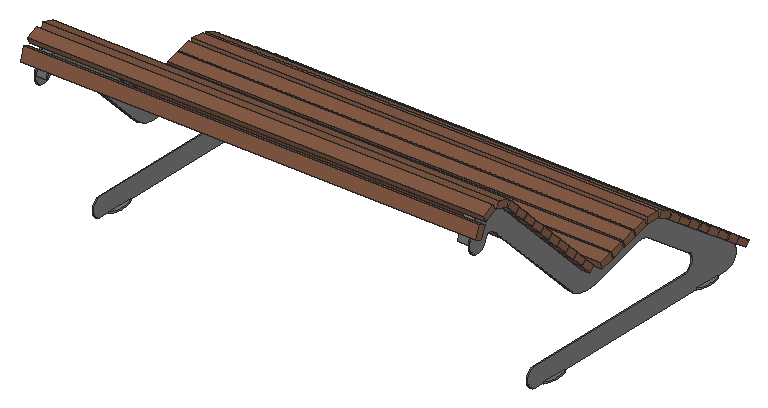
Revit family "FS_Лежак_Ньютон_R16", category Антураж, Revit 2016
Family settings
  На основе рабочей плоскости = Нет
  Всегда вертикально = Да
  При загрузке вырезать с полостями = Нет
  Источник визуального образа = Геометрия семейства
  Общий = Нет
  Точка расчета площади = Нет
Parameters (values of type "ИМЯ ТИПА")
  Стоимость = 43170
  Комментарии к типоразмеру = "Материалы: сталь, брус"  # constant formula
  Изготовитель = "ООО 'Хоббика'"  # constant formula
  Высота = 0 mm
  URL = "https://hobbyka.ru/product/parkovyy_lezhak_nyuton/"
  ADSK_Размер_Ширина = 1600 mm  # constant formula
  ADSK_Размер_Длина = 2140 mm  # constant formula
  ADSK_Размер_Высота = 950 mm  # constant formula
  ADSK_Наименование = "Скамейка «Название» 1.0м"
  ADSK_Материал опоры = FS_Сталь
  ADSK_Материал крепления = FS_Цинк
  ADSK_Материал доски = FS_Древесина
  ADSK_Код изделия = "11670"  # constant formula
Reference planes
  plane 1 "По центру (Вперед/Назад)": y = 0
  plane 2: z = 0
  plane 3 "По центру (Влево/Вправо)": x = 0
  plane 4: x = -1070
  plane 5: x = 1070
  plane 6: x = 1020
  plane 7: x = -1020
Dimensions and locks
  "ADSK_Размер_Длина": plane 4 to plane 5
  equal spacing: plane 4, plane 3 "По центру (Влево/Вправо)", plane 5
  locked: plane 4 to plane 7 at 50
  locked: plane 6 to plane 5 at 50
  aligned and locked: level to plane 2
  aligned and locked: plane 1 "По центру (Вперед/Назад)" to nested 1
  aligned and locked: nested 1 to plane 6
  aligned and locked: nested 2 to plane 1 "По центру (Вперед/Назад)"
  aligned and locked: nested 2 to plane 7
  aligned and locked: nested 29 to plane 5
  aligned and locked: nested 28 to plane 5
  aligned and locked: nested 27 to plane 5
  aligned and locked: nested 26 to plane 5
  aligned and locked: nested 25 to plane 5
  aligned and locked: nested 23 to plane 5
  aligned and locked: nested 24 to plane 5
  aligned and locked: nested 22 to plane 5
  aligned and locked: nested 20 to plane 5
  aligned and locked: nested 21 to plane 5
  aligned and locked: nested 18 to plane 5
  aligned and locked: nested 19 to plane 5
  aligned and locked: nested 17 to plane 5
  aligned and locked: nested 16 to plane 5
  aligned and locked: nested 14 to plane 5
  aligned and locked: nested 15 to plane 5
  aligned and locked: nested 13 to plane 5
  aligned and locked: nested 12 to plane 5
  aligned and locked: nested 11 to plane 5
  aligned and locked: nested 10 to plane 5
  aligned and locked: nested 9 to plane 5
  aligned and locked: nested 8 to plane 5
  aligned and locked: nested 7 to plane 5
  aligned and locked: nested 6 to plane 5
  aligned and locked: nested 5 to plane 5
  aligned and locked: nested 4 to plane 5
  aligned and locked: nested 3 to plane 5
  aligned and locked: nested 3 to plane 4
  aligned and locked: nested 4 to plane 4
  aligned and locked: nested 5 to plane 4
  aligned and locked: nested 6 to plane 4
  aligned and locked: nested 7 to plane 4
  aligned and locked: nested 8 to plane 4
  aligned and locked: nested 9 to plane 4
  aligned and locked: nested 10 to plane 4
  aligned and locked: nested 11 to plane 4
  aligned and locked: nested 12 to plane 4
  aligned and locked: nested 13 to plane 4
  aligned and locked: nested 14 to plane 4
  aligned and locked: nested 15 to plane 4
  aligned and locked: nested 16 to plane 4
  aligned and locked: nested 17 to plane 4
  aligned and locked: nested 18 to plane 4
  aligned and locked: nested 19 to plane 4
  aligned and locked: nested 20 to plane 4
  aligned and locked: nested 21 to plane 4
  aligned and locked: nested 22 to plane 4
  aligned and locked: nested 23 to plane 4
  aligned and locked: nested 24 to plane 4
  aligned and locked: nested 25 to plane 4
  aligned and locked: nested 26 to plane 4
  aligned and locked: nested 27 to plane 4
  aligned and locked: nested 28 to plane 4
  aligned and locked: nested 29 to plane 4
Nested families
  nested 1: "FS_Лежак_Ньютон_Опора" at (1020, 0, 0), type "FS_Лежак_Ньютон_Опора"
  nested 2: "FS_Лежак_Ньютон_Опора" at (-1020, 0, 0) x (-1, 0, 0) z (0, 0, 1), type "FS_Лежак_Ньютон_Опора"
  nested 3: "Брус_Без фаски" at (0, -26.982, 121.436) x (0, 0.8192, -0.5736) z (1, 0, 0), type "60x30"
    with Длина 2140 mm, Ширина 60 mm, Кремление_Видимость no
  nested 4: "Брус_Без фаски" at (0, -83.543, 161.041) x (0, 0.8192, -0.5736) z (1, 0, 0), type "60x30"
    with Длина 2140 mm, Ширина 60 mm, Кремление_Видимость no
  nested 5: "Брус_Без фаски" at (0, -140.104, 200.645) x (0, 0.8192, -0.5736) z (1, 0, 0), type "60x30"
    with Длина 2140 mm, Ширина 60 mm, Кремление_Видимость no
  nested 6: "Брус_Без фаски" at (0, -196.665, 240.25) x (0, 0.8192, -0.5736) z (1, 0, 0), type "60x30"
    with Длина 2140 mm, Ширина 60 mm, Кремление_Видимость no
  nested 7: "Брус_Без фаски" at (0, -253.226, 279.854) x (0, 0.8192, -0.5736) z (1, 0, 0), type "60x30"
    with Длина 2140 mm, Ширина 60 mm, Кремление_Видимость no
  nested 8: "Брус_Без фаски" at (0, -309.787, 319.459) x (0, 0.8192, -0.5736) z (1, 0, 0), type "60x30"
    with Длина 2140 mm, Ширина 60 mm, Кремление_Видимость no
  nested 9: "Брус_Без фаски" at (0, -366.348, 359.063) x (0, 0.8192, -0.5736) z (1, 0, 0), type "60x30"
    with Длина 2140 mm, Ширина 60 mm, Кремление_Видимость no
  nested 10: "Брус_Без фаски" at (0, -422.909, 398.668) x (0, 0.8192, -0.5736) z (1, 0, 0), type "60x30"
    with Длина 2140 mm, Ширина 60 mm, Кремление_Видимость no
  nested 11: "Брус_Без фаски" at (0, -482.832, 437.55) x (0, 0.9023, -0.431) z (1, 0, 0), type "60x30"
    with Длина 2140 mm, Ширина 60 mm, Кремление_Видимость no
  nested 12: "Брус_Без фаски" at (0, -555.273, 455.473) x (0, 0.9992, -0.0395) z (1, 0, 0), type "60x30"
    with Длина 2140 mm, Ширина 60 mm, Кремление_Видимость no
  nested 13: "Брус_Без фаски" at (0, -627.679, 444.698) x (0, 0.9659, 0.2588) z (1, 0, 0), type "60x30"
    with Длина 2140 mm, Ширина 60 mm, Кремление_Видимость no
  nested 14: "Брус_Без фаски" at (0, -694.375, 426.827) x (0, 0.9659, 0.2588) z (1, 0, 0), type "60x30"
    with Длина 2140 mm, Ширина 60 mm, Кремление_Видимость no
  nested 15: "Брус_Без фаски" at (0, -761.07, 408.956) x (0, 0.9659, 0.2588) z (1, 0, 0), type "60x30"
    with Длина 2140 mm, Ширина 60 mm, Кремление_Видимость no
  nested 16: "Брус_Без фаски" at (0, -827.766, 391.085) x (0, 0.9659, 0.2588) z (1, 0, 0), type "60x30"
    with Длина 2140 mm, Ширина 60 mm, Кремление_Видимость no
  nested 17: "Брус_Без фаски" at (0, -935.432, 418.575) x (0, 0.7071, -0.7071) z (1, 0, 0), type "60x30"
    with Длина 2140 mm, Ширина 60 mm, Кремление_Видимость no
  nested 18: "Брус_Без фаски" at (0, -984.256, 467.399) x (0, 0.7071, -0.7071) z (1, 0, 0), type "60x30"
    with Длина 2140 mm, Ширина 60 mm, Кремление_Видимость no
  nested 19: "Брус_Без фаски" at (0, -1033.081, 516.224) x (0, 0.7071, -0.7071) z (1, 0, 0), type "60x30"
    with Длина 2140 mm, Ширина 60 mm, Кремление_Видимость no
  nested 20: "Брус_Без фаски" at (0, -1081.905, 565.049) x (0, 0.7071, -0.7071) z (1, 0, 0), type "60x30"
    with Длина 2140 mm, Ширина 60 mm, Кремление_Видимость no
  nested 21: "Брус_Без фаски" at (0, -1130.73, 613.873) x (0, 0.7071, -0.7071) z (1, 0, 0), type "60x30"
    with Длина 2140 mm, Ширина 60 mm, Кремление_Видимость no
  nested 22: "Брус_Без фаски" at (0, -1179.554, 662.698) x (0, 0.7071, -0.7071) z (1, 0, 0), type "60x30"
    with Длина 2140 mm, Ширина 60 mm, Кремление_Видимость no
  nested 23: "Брус_Без фаски" at (0, -1228.379, 711.522) x (0, 0.7071, -0.7071) z (1, 0, 0), type "60x30"
    with Длина 2140 mm, Ширина 60 mm, Кремление_Видимость no
  nested 24: "Брус_Без фаски" at (0, -1277.203, 760.347) x (0, 0.7071, -0.7071) z (1, 0, 0), type "60x30"
    with Длина 2140 mm, Ширина 60 mm, Кремление_Видимость no
  nested 25: "Брус_Без фаски" at (0, -1326.028, 809.171) x (0, 0.7071, -0.7071) z (1, 0, 0), type "60x30"
    with Длина 2140 mm, Ширина 60 mm, Кремление_Видимость no
  nested 26: "Брус_Без фаски" at (0, -1374.852, 857.996) x (0, 0.7071, -0.7071) z (1, 0, 0), type "60x30"
    with Длина 2140 mm, Ширина 60 mm, Кремление_Видимость no
  nested 27: "Брус_Без фаски" at (0, -1437.16, 900.756) x (0, 0.9614, -0.2751) z (1, 0, 0), type "60x30"
    with Длина 2140 mm, Ширина 60 mm, Кремление_Видимость no
  nested 28: "Брус_Без фаски" at (0, -1515.082, 894.138) x (0, 0.9013, 0.4333) z (1, 0, 0), type "60x30"
    with Длина 2140 mm, Ширина 60 mm, Кремление_Видимость no
  nested 29: "Брус_Без фаски" at (0, -1568.914, 837.414) x (0, 0.3856, 0.9227) z (1, 0, 0), type "60x30"
    with Длина 2140 mm, Ширина 60 mm, Кремление_Видимость no
Definition of nested family "FS_Лежак_Ньютон_Опора"
  Parameters (values of type "FS_Лежак_Ньютон_Опора")
    ADSK_Материал опоры = none
  Reference planes
    plane 1 "По центру (Вперед/Назад)": y = 0
    plane 2: z = 0
    plane 3 "По центру (Влево/Вправо)": x = 0
  Forms (mm)
    Extrusion 1, solid, material <- "ADSK_Материал опоры"
      sketch origin (0, 0, 0) x (0, 1, 0) y (0, 0, 1)
        loop
          arc (-987.698, 322.349) -> (-915.972, 280.938) -> (-833.15, 280.938) r 160
          line (-833.15, 280.938) -> (-578.773, 349.098)
          arc (-578.773, 349.098) -> (-548.501, 350.42) -> (-520.506, 338.824) r 70
          line (-520.506, 338.824) -> (-282.059, 171.862)
          arc (-282.059, 171.862) -> (-264.952, 121.468) -> (-307.87, 90) r 45
          line (-307.87, 90) -> (-1185, 90)
          arc (-1185, 90) -> (-1230, 45) -> (-1185, 0) r 45
          line (-1185, 0) -> (-70, 0)
          arc (-70, 0) -> (-12.777, 41.958) -> (-35.585, 109.149) r 60
          line (-35.585, 109.149) -> (-465.064, 409.873)
          arc (-465.064, 409.873) -> (-533.052, 438.035) -> (-606.571, 434.825) r 170
          line (-606.571, 434.825) -> (-856.444, 367.872)
          arc (-856.444, 367.872) -> (-892.679, 367.872) -> (-924.059, 385.989) r 70
          line (-924.059, 385.989) -> (-1400.245, 862.175)
          arc (-1400.245, 862.175) -> (-1495.987, 885.603) -> (-1560.977, 811.497) r 95
          line (-1560.977, 811.497) -> (-1569.316, 764.202)
          arc (-1569.316, 764.202) -> (-1532.814, 712.071) -> (-1480.684, 748.573) r 45
          arc (-1480.684, 748.573) -> (-1460.161, 771.975) -> (-1429.926, 764.577) r 30
          line (-1429.926, 764.577) -> (-987.698, 322.349)
      from -3 to 3
    Extrusion 2, solid, material <- "ADSK_Материал опоры"
      sketch origin (125.748, 73.008, 0) x (1, 0, 0) y (0, 1, 0)
        loop
          spline (-125.748, -188.008) -> (-132.218, -190.223) -> (-138.248, -196.716) -> (-143.425, -207.046) -> (-147.398, -220.508) -> (-149.896, -236.185) -> (-150.748, -253.008) -> (-149.896, -269.831) -> (-147.398, -285.508) -> (-143.425, -298.97) -> (-138.248, -309.3) -> (-132.218, -315.793) -> (-125.748, -318.008)
          spline (-125.748, -318.008) -> (-119.277, -315.793) -> (-113.248, -309.3) -> (-108.07, -298.97) -> (-104.097, -285.508) -> (-101.599, -269.831) -> (-100.748, -253.008) -> (-101.599, -236.185) -> (-104.097, -220.508) -> (-108.07, -207.046) -> (-113.248, -196.716) -> (-119.277, -190.223) -> (-125.748, -188.008)
      from 0 to 5
    Extrusion 3, solid, material <- "ADSK_Материал опоры"
      sketch origin (125.748, -826.992, 0) x (1, 0, 0) y (0, 1, 0)
        loop
          spline (-125.748, -188.008) -> (-132.218, -190.223) -> (-138.248, -196.716) -> (-143.425, -207.046) -> (-147.398, -220.508) -> (-149.896, -236.185) -> (-150.748, -253.008) -> (-149.896, -269.831) -> (-147.398, -285.508) -> (-143.425, -298.97) -> (-138.248, -309.3) -> (-132.218, -315.793) -> (-125.748, -318.008)
          spline (-125.748, -318.008) -> (-119.277, -315.793) -> (-113.248, -309.3) -> (-108.07, -298.97) -> (-104.097, -285.508) -> (-101.599, -269.831) -> (-100.748, -253.008) -> (-101.599, -236.185) -> (-104.097, -220.508) -> (-108.07, -207.046) -> (-113.248, -196.716) -> (-119.277, -190.223) -> (-125.748, -188.008)
      from 0 to 5
    Extrusion 4, solid, material <- "ADSK_Материал опоры"
      sketch origin (0, 0, 0) x (0, 1, 0) y (0, 0, 1)
        loop
          line (-1560.977, 811.497) -> (-1569.316, 764.202) -> (-1566.362, 763.681) -> (-1558.023, 810.976)
          arc (-1558.023, 810.976) -> (-1495.085, 882.742) -> (-1402.366, 860.054) r 92
          line (-1402.366, 860.054) -> (-926.18, 383.868)
          arc (-926.18, 383.868) -> (-893.455, 364.974) -> (-855.668, 364.974) r 73
          line (-855.668, 364.974) -> (-605.795, 431.927)
          arc (-605.795, 431.927) -> (-533.573, 435.08) -> (-466.785, 407.416) r 167
          line (-466.785, 407.416) -> (-37.306, 106.692) -> (-35.585, 109.149) -> (-465.064, 409.873)
          arc (-465.064, 409.873) -> (-533.052, 438.035) -> (-606.571, 434.825) r 170
          line (-606.571, 434.825) -> (-856.444, 367.872)
          arc (-856.444, 367.872) -> (-892.679, 367.872) -> (-924.059, 385.989) r 70
          line (-924.059, 385.989) -> (-1400.245, 862.175)
          arc (-1400.245, 862.175) -> (-1495.987, 885.603) -> (-1560.977, 811.497) r 95
      from -53 to -3
  Cuts and joins
    joined: Extrusion 1, Extrusion 2, Extrusion 3
  Dimensions and locks
    aligned and locked: level to plane 2
Definition of nested family "Брус_Без фаски"
  Parameters (values of type "Брус_Без фаски")
    Ширина = 50 mm
    Толщина = 30 mm
    Default Elevation = 0 mm
    Крепление_Диаметр = 10 mm
    Крепление_Глубина посадки = 30 mm
    Кремление_Видимость = yes
    Длина [instance] = 1000 mm
    ADSK_Материал крепления = none
    ADSK_Материал доски = none
  Reference planes
    plane 1 "По центру (Вперед/Назад)": y = 0
    plane 2: z = 0
    plane 3 "По центру (Влево/Вправо)": x = 0
    plane 4: y = 15
    plane 5: x = 25
    plane 6: x = -25
    plane 7: y = -15
    plane 8: z = 500
    plane 9: z = -500
    plane 10: z = 470
    plane 11: z = -470
  Forms (mm)
    Extrusion 1, solid, material <- "ADSK_Материал доски"
      sketch origin (0, 0, 0) x (1, 0, 0) y (0, 1, 0)
        loop
          line (-25, 15) -> (-25, -15) -> (25, -15) -> (25, 15) -> (-25, 15)
      from -500 to 500
    Extrusion 2, solid, material <- "ADSK_Материал крепления", visible <- "Кремление_Видимость"
      sketch origin (-50, 15, 1200) x (-1, 0, 0) y (0, 0, 1)
        loop
          circle (-50, -730) r 5
        loop
          circle (-50, -1670) r 5
      from 0 to 1
  Dimensions and locks
    equal spacing: plane 6, plane 3 "По центру (Влево/Вправо)", plane 5
    "Ширина": plane 6 to plane 5
    equal spacing: plane 4, plane 1 "По центру (Вперед/Назад)", plane 7
    "Толщина": plane 4 to plane 7
    equal spacing: plane 9, plane 2, plane 8
    "Длина": plane 9 to plane 8
    "Крепление_Глубина посадки": plane 10 to plane 8
    "Крепление_Глубина посадки": plane 11 to plane 9
    locked: plane 3 "По центру (Влево/Вправо)" to Extrusion 2 sketch curve at 0  (x2)
    locked: plane 10 to Extrusion 2 sketch curve at 0
    locked: plane 11 to Extrusion 2 sketch curve at 0
    "Крепление_Диаметр": diameter of Extrusion 2 sketch curve  (x2)
    aligned and locked: level to plane 2
    aligned and locked: Extrusion 1 sketch curve to plane 4
    aligned and locked: Extrusion 1 sketch curve to plane 6
    aligned and locked: Extrusion 1 sketch curve to plane 5
    aligned and locked: plane 8 to Extrusion 1
    aligned and locked: plane 9 to Extrusion 1
    aligned and locked: Extrusion 1 sketch curve to plane 7
